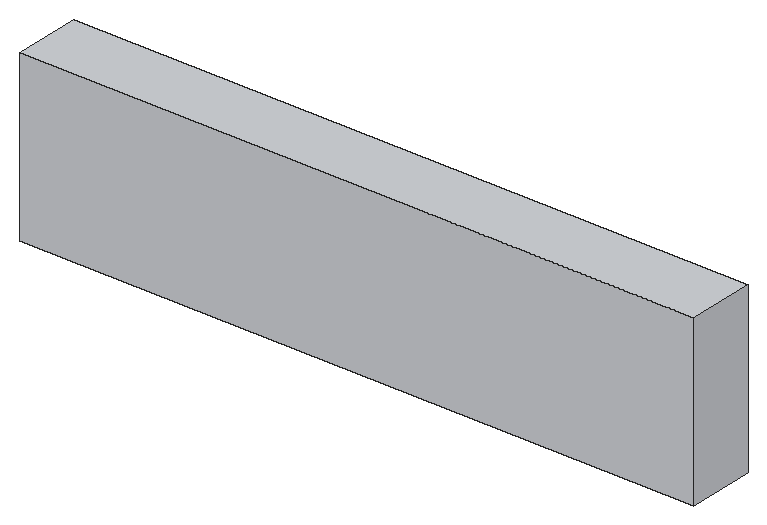
Revit family "Anti-slide Device", category Generic Models, Revit 2024
Family settings
  Can host rebar = No
  Round Connector Dimension = Use Diameter
  Part Type = Normal
  Work Plane-Based = No
  Always vertical = Yes
  Cut with Voids When Loaded = No
  Maintain Annotation Orientation = No
  Shared = No
  Room Calculation Point = No
Parameters
  Distance from Handrail = 0 mm
  Distance between adjacent Handrails = 0 mm
  Device Width = 200 mm
  Device Thickness = 20 mm
  Device Height = 50 mm
  Default Elevation = 0 mm
Reference planes
  plane 1 "Center (Front/Back)": y = 0
  plane 2: z = 0
  plane 3 "Center (Left/Right)": x = 0
  plane 4: x = 200
Forms (mm)
  Extrusion 1, solid
    sketch origin (0, 0, 0) x (0, 1, 0) y (0, 0, 1)
      loop
        line (0, 0) -> (20, 0) -> (20, 50) -> (0, 50) -> (0, 0)
    from 0 to 200
Dimensions and locks
  "Device Height": Extrusion 1 sketch curve to Extrusion 1 sketch curve
  "Device Thickness": Extrusion 1 sketch curve to Extrusion 1 sketch curve
  "Device Width": plane 4 to plane 3 "Center (Left/Right)"
  aligned and locked: level to plane 2
  aligned and locked: plane 4 to Extrusion 1
Automatic sketch dimensions
  Extrusion 1 sketch curve to plane 1 "Center (Front/Back)" = 0 mm
  Extrusion 1 sketch curve to level = 0 mm
